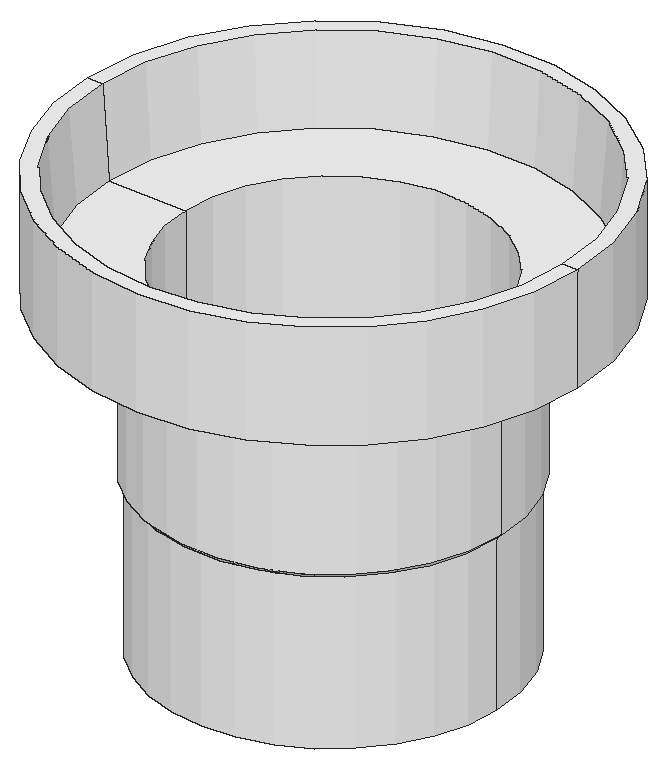
Revit family "MI-TR", category Pipe Accessories, Revit 2018
Family settings
  Round Connector Dimension = Use Diameter
  Part Type = Normal
  Work Plane-Based = No
  Always vertical = Yes
  Cut with Voids When Loaded = No
  Shared = No
Parameters (values of type "MI-TR-3")
  URL = "WWW.MIFAB.COM"
  Top Height = 1.000"
  Top Dia = 5.450"
  Pipe Size = 3.000"
  Model = "MI-TR-3"
  Manufacturer = "MIFAB"
  Int-Dia = 3.025"
  Description = "PVC SOCKET TRANSITION COPULING"
  Body Height = 5.000"
  B2 = 1.875"
  B1 = 1.875"
  C1&C2 = 3.490"
Types (4): name | Pipe Size | Model | Int-Dia | Body Height | B2 | B1 | C1&C2
  (no name) | 3.000" | "MI-TR-3" | 3.025" | 5.000" | 1.875" | 1.875" | 3.490"
  MI-TR-2 | 2.000" | "MI-TR-2" | 2.050" | 3.566" | 1.156" | 1.156" | 2.365"
  MI-TR-3 | 3.000" | "MI-TR-3" | 3.025" | 5.000" | 1.875" | 1.875" | 3.490"
  MI-TR-4 | 4.000" | "MI-TR-4" | 4.000" | 5.250" | 2.000" | 2.000" | 4.490"
Reference planes (in)
  plane 1 "Center (Front/Back)": y = 0
  plane 2: z = 0
  plane 3 "Center (Left/Right)": x = 0
  plane 4: x = -1.745
  plane 5: x = 1.745
  plane 6: z = 5
  plane 7: z = 4
  plane 8: x = -2.725
  plane 9: x = 2.725
  plane 10: x = 2.64944
  plane 11: x = 2.89944
  plane 12: z = 3.75
  plane 13: z = 2
  plane 14: z = 2.125
  plane 15: z = 1.875
  plane 16: x = 1.5125
  plane 17: x = -1.5125
  plane 18: x = 1.94323
Forms (in)
  Revolve 1, solid, material "Poche"
    sketch origin (0, 0, 0) x (1, 0, 0) y (0, 0, 1)
      loop
        line (1.94323, 0) -> (1.94323, 1.82123) -> (1.995, 1.873) -> (1.995, 3.75) -> (2.89944, 3.75) -> (2.89944, 5) -> (2.725, 5) -> (2.64944, 4) -> (1.745, 4) -> (1.745, 2.125) -> (1.5125, 2.125) -> (1.5125, 1.875) -> (1.745, 1.875) -> (1.745, 0) -> (1.94323, 0)
      axis (0, 0) -> (0, 5)
    angle from 0 to 360
Dimensions and locks (in)
  equal spacing: plane 5, plane 3 "Center (Left/Right)", plane 4
  "C1&C2": plane 5 to plane 4
  "Body Height": plane 6 to level
  "Top Height": plane 6 to plane 7
  "Top Dia": plane 9 to plane 8
  equal spacing: plane 9, plane 3 "Center (Left/Right)", plane 8
  locked: plane 9 to plane 10 at 0.07556
  locked: plane 9 to plane 11 at 0.17444
  locked: plane 7 to plane 12 at 0.25
  equal spacing: plane 14, plane 13, plane 15, locked at 0.125 each
  equal spacing: plane 16, plane 3 "Center (Left/Right)", plane 17
  "Int-Dia": plane 16 to plane 17
  "B1": plane 15 to plane 2
  "B2": plane 7 to plane 14
  plane 5 to plane 4 = 3.490"
  plane 14 to plane 15 = 0.250"
  locked: plane 18 to plane 5 at 0.19823
  Revolve 1 to Revolve 1 = 1.250"
  plane 6 to plane 7 = 1.000"
  aligned and locked: level to plane 2
  aligned and locked: Revolve 1 sketch curve to level
  aligned and locked: Revolve 1 sketch curve to plane 7
  aligned and locked: Revolve 1 sketch curve to plane 6
  aligned and locked: plane 10 to Revolve 1 sketch curve
  aligned and locked: plane 9 to Revolve 1 sketch curve
  aligned and locked: plane 5 to Revolve 1 sketch curve
  aligned and locked: plane 11 to Revolve 1 sketch curve
  aligned and locked: plane 12 to Revolve 1 sketch curve
  aligned and locked: Revolve 1 sketch curve to plane 14
  aligned and locked: plane 15 to Revolve 1 sketch curve
  aligned and locked: plane 16 to Revolve 1 sketch curve
  aligned and locked: plane 18 to Revolve 1 sketch curve
Automatic sketch dimensions
  Revolve 1 sketch curve to plane 3 "Center (Left/Right)" = 0.000"
  plane 5 to Revolve 1 sketch curve = 0.000"
  Revolve 1 sketch curve to Revolve 1 sketch curve = 0.05177"
  plane 15 to Revolve 1 sketch curve = 0.05377"
  plane 15 to Revolve 1 sketch curve = 0.002"
  plane 6 to Revolve 1 sketch curve = 0.250"
  Revolve 1 sketch curve to Revolve 1 sketch curve = 0.750"
Connectors (in)
  piping at (0, 0, 1.875), diameter 3, driven by "Pipe Size"
    settings: on Revolve 1, index 1, connector inside diameter 609.6 mm, connector length 0.000", flow factor 0, pipe flow 0.0 L/s, pressure drop 0.0 Pa, fitting loss kfactor 0, connector angle 0.00°, fixture units 0, engagement length 0.000", angle of deflection 0.00°, flow configuration 0, flow direction 0, fitting loss method 0, system type 7, joint type 0, gender type 0, connector reference index -1, connector utility 0, adjustable connector no, is connector primary yes, connector description ""
  piping at (0, 0, 2.125), diameter 3, driven by "Pipe Size"
    settings: on Revolve 1, index 2, connector inside diameter 609.6 mm, connector length 0.000", flow factor 0, pipe flow 0.0 L/s, pressure drop 0.0 Pa, fitting loss kfactor 0, connector angle 0.00°, fixture units 0, engagement length 0.000", angle of deflection 0.00°, flow configuration 0, flow direction 0, fitting loss method 0, system type 7, joint type 0, gender type 0, connector reference index -1, connector utility 0, adjustable connector no, is connector primary no, connector description ""
